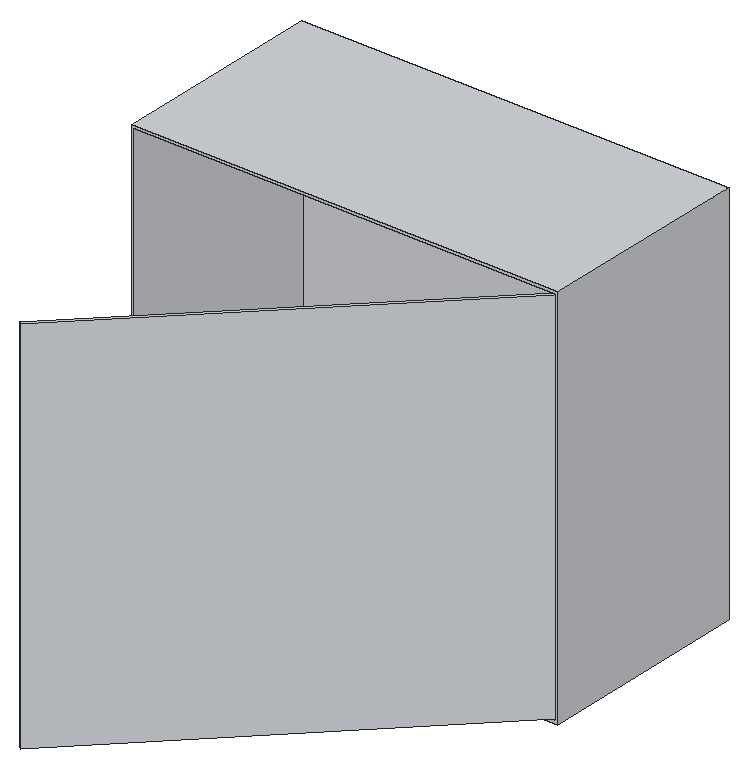
Revit family "Hager-Vega_D-IP55-vide-NoHosted-FR-fr", category Electrical Equipment, Revit 2020
Family settings
  Panel Configuration = Two Columns, Circuits Across
  Round Connector Dimension = Use Diameter
  Part Type = Panelboard
  Work Plane-Based = Yes
  Always vertical = Yes
  Cut with Voids When Loaded = No
  Shared = No
  Room Calculation Point = No
Parameters (values of type "Saillie IP55 L550 H500 P275 24 Modules - FV22A")
  Width Control [instance] = if([HG000006 - Encastré], if([EF000846 - largeur d'encastrement] > min_whd, [EF000846 - largeur d'encastrement], min_whd), if([EF000008 - largeur] > min_whd, ([EF000008 - largeur]), min_whd))  # 550 mm
  Void Depth [instance] = if([EF000218 - profondeur d'encastrement] > 1 mm, [EF000218 - profondeur d'encastrement], 1 mm)  # 1 mm
  Type Comments = [HG000003 - Gamme]  # "Vega D"
  System Height [instance] = Height Control - 2 * [HG000005 - Epaisseur]  # 494 mm
  Panel Name [instance] = ""  # (empty or 0)
  Offset [instance] = 0 mm
  Model = [HG000004 - Référence fabricant]  # "FV22A"
  Level Offset [instance] = [Flush Mounted - Door Frame Width] + Offset  # 0 mm
  HG000017 - Distance entre pôles = 18 mm
  HG000016 - Visibilité de la porte 3D [instance] = yes
  HG000015 - Visibilité de l'emprise de la porte [instance] = no
  HG000014 - Porte à droite [instance] = yes
  HG000013 - Porte à gauche [instance] = not([HG000014 - Porte à droite])  # no
  HG000012 - Angle de pivotement de la porte [instance] = 45.00°
  HG000011 - Rangées du bas vides = no
  HG000010 - Portes asymétriques = no
  HG000009 - Porte à double battant = no
  HG000008 - Nombre de rangées vides = 0
  HG000007 - Nombre de colonnes vides = 0
  HG000006 - Encastré = no
  HG000005 - Epaisseur = 3 mm  # constant formula
  HG000004 - Référence fabricant = "FV22A"
  HG000003 - Gamme = "Vega D"
  HG000002 - avec porte = yes
  HG000001 - nombre de colonnes = 0
  EF015941 - porte pour transmission du signal = no
  EF015777 - borne à conducteur neutre = no
  EF015776 - borne de mise à la terre = yes
  EF009212 - finition du couvercle = "EV000116 - fermé"
  EF006306 - avec serrure = no
  EF006244 - couvercle/porte transparent(e) = no
  EF005474 - indice de protection (IP) = "EV006420 - IP55"
  EF004462 - type de fermeture = "EV000154 - autre"
  EF002950 - largeur en nombre de modules = 24
  EF001596 - matériau du boîtier/corps = "EV000154 - autre"
  EF001134 - rail DIN = yes
  EF001131 - profondeur intérieure = 218 mm
  EF001088 - possibilité de montage en saillie = yes
  EF001062 - finition CEM = no
  EF000846 - largeur d'encastrement = 0 mm
  EF000339 - type de capot = "EV004216 - porte"
  EF000332 - hauteur d'encastrement = 0 mm
  EF000266 - nombre de rangées = 0
  EF000218 - profondeur d'encastrement = 0 mm
  EF000118 - avec cadre/support de montage = no
  EF000116 - numéro RAL = "9010"
  EF000049 - profondeur = 275 mm
  EF000040 - hauteur = 500 mm
  EF000008 - largeur = 550 mm
  EF000007 - couleur = "EV000202 - blanc"
  EF000003 - mode de pose = "EV000384 - saillie"
  Description = ""
  Default Elevation = 1219.2 mm
  Arrow Offset [instance] = Depth Control / 8  # 34.375 mm
  Arrow Height [instance] = Depth Control - Arrow Offset  # 240.625 mm
  Host Offset [instance] = if([HG000006 - Encastré], 0 mm, [EF000049 - profondeur])  # 275 mm
  min_whd [instance] = (2 * [HG000005 - Epaisseur]) + 1 mm  # 7 mm
  Manufacturer = "Hager"  # constant formula
  Height Control [instance] = if([HG000006 - Encastré], if([EF000332 - hauteur d'encastrement] > min_whd, [EF000332 - hauteur d'encastrement], min_whd), if([EF000040 - hauteur] > min_whd, ([EF000040 - hauteur]), min_whd))  # 500 mm
  Flush Mounted - Door Frame Width [instance] = if(([EF000040 - hauteur] - [EF000332 - hauteur d'encastrement]) > 0 mm, if([HG000006 - Encastré], [EF000040 - hauteur] - [EF000332 - hauteur d'encastrement], 0 mm), 0 mm)  # 0 mm
  Depth Control [instance] = if([HG000006 - Encastré], if([EF000218 - profondeur d'encastrement] > 0 mm, [EF000218 - profondeur d'encastrement], 1 mm), if([EF000049 - profondeur] > 0 mm, ([EF000049 - profondeur]), 1 mm))  # 275 mm
Reference planes
  plane 1 "Center (Front/Back)": y = 0
  plane 2: z = 0
  plane 3 "Center (Left/Right)": x = 0
  plane 4: y = 3
  plane 5: y = 0
  plane 6: y = 0
  plane 7: z = 0
  plane 8: x = -275
  plane 9: x = 275
  plane 10: x = 272
  plane 11: x = -272
  plane 12: z = 0
  plane 13: z = 3
  plane 14: y = -270
  plane 15: y = -275
  plane 16: y = -3
  plane 17: z = 497
  plane 18: z = 500
  plane 19: z = 250
  plane 20: x = 0
  plane 21: y = -100
Forms (mm)
  Extrusion 1, solid
    sketch origin (-208.679, -4572, 0) x (-1, 0, 0) y (0, -1, 0)
      loop
        line (66.321, -4297) -> (-483.679, -4297) -> (-483.679, -4572) -> (66.321, -4572) -> (66.321, -4297)
    from 0 to 500 <- "Height Control"
  Extrusion 2, void
    sketch origin (-350.771, -275, 1219.2) x (1, 0, 0) y (0, 0, 1)
      loop
        line (78.771, -722.2) -> (78.771, -1216.2) -> (622.771, -1216.2) -> (622.771, -722.2) -> (78.771, -722.2)
    from 0 to -272
  Extrusion 3, solid, detail levels coarse+medium
    sketch origin (-350.771, -275, 1219.2) x (-1, 0, 0) y (0, 0, 1)
      loop
        line (-78.771, -722.2) -> (-622.771, -722.2) -> (-622.771, -1216.2) -> (-78.771, -1216.2) -> (-78.771, -722.2)
    from 0 to 3 <- "HG000005 - Epaisseur"
Cuts and joins
  Extrusion 2 cuts Extrusion 1
Dimensions and locks
  "Flush Mounted - Door Frame Width": plane 1 "Center (Front/Back)" to plane 6
  "HG000005 - Epaisseur": plane 4 to plane 6
  "HG000005 - Epaisseur": plane 8 to plane 11
  "HG000005 - Epaisseur": plane 9 to plane 10
  equal spacing: plane 8, plane 3 "Center (Left/Right)", plane 9
  "Width Control": plane 8 to plane 9
  locked: plane 14 to plane 15 at 5
  "Host Offset": plane 1 "Center (Front/Back)" to plane 15
  "Depth Control": plane 5 to plane 15
  "HG000005 - Epaisseur": plane 5 to plane 16
  "HG000005 - Epaisseur": plane 13 to plane 12
  "Level Offset": plane 12 to level
  "HG000005 - Epaisseur": plane 18 to plane 17
  "Height Control": plane 18 to plane 12
  "Arrow Offset": plane 5 to nested 4
  equal spacing: plane 18, plane 19, plane 12
  locked: connector elem to plane 19
  locked: connector elem to plane 3 "Center (Left/Right)"
  aligned and locked: nested 1 to plane 14
  aligned and locked: plane 3 "Center (Left/Right)" to nested 1
  aligned and locked: plane 3 "Center (Left/Right)" to nested 2
  aligned and locked: nested 2 to plane 15
  aligned and locked: plane 5 to Extrusion 1
  aligned and locked: Extrusion 3 sketch curve to plane 17
  aligned and locked: Extrusion 3 sketch curve to plane 11
  aligned and locked: Extrusion 3 sketch curve to plane 13
  aligned and locked: Extrusion 3 sketch curve to plane 10
  aligned and locked: Extrusion 2 sketch curve to plane 13
  aligned and locked: Extrusion 2 sketch curve to plane 10
  aligned and locked: Extrusion 2 sketch curve to plane 17
  aligned and locked: Extrusion 2 sketch curve to plane 11
  aligned and locked: plane 16 to Extrusion 2
  aligned and locked: plane 5 to Extrusion 1 sketch curve
  aligned and locked: plane 9 to Extrusion 1 sketch curve
  aligned and locked: plane 8 to Extrusion 1 sketch curve
  aligned and locked: plane 8 to nested 4
  aligned and locked: plane 8 to nested 3
  aligned and locked: nested 3 to plane 5
  aligned and locked: Extrusion 1 sketch curve to plane 15
  aligned and locked: Extrusion 2 to plane 15
Nested families
  nested 1: "Hager_Enclosure_System" at (0, -270, 3), Flush_Mounted <- "HG000006 - Encastré", Width <- "EF000008 - largeur", Height <- "System Height", Width_Control <- "Width Control", Row_Module_Multiplicator <- "EF002950 - largeur en nombre de modules", Empty_Columns <- "HG000007 - Nombre de colonnes vides", Built-in_Width <- "EF000846 - largeur d'encastrement", Border <- "HG000005 - Epaisseur", Total_No_Empty_Rows <- "HG000008 - Nombre de rangées vides", Depth <- "HG000005 - Epaisseur", Empty_Rows_From_Bottom <- "HG000011 - Rangées du bas vides", Distance_Between_Poles <- "HG000017 - Distance entre pôles", Rows_Count <- "EF000266 - nombre de rangées", Columns_Count <- "HG000001 - nombre de colonnes", type "Hager_Enclosure_System", detail levels medium+fine
    with Width_Control 550 mm, Width 550 mm, Total_No_Rows 0, Total_No_Empty_Rows 0, Total_No_Columns 1, System_Width 544 mm, Rows_Count 0, Rows_Column 0, Row_Module_Multiplicator 24, Panel_4 no, Panel_3 no, Panel_2 no, Panel_1 no, No_Panels_Ctrl 1, Hide_Columns yes, Height 494 mm, Flush_Mounted no, Empty_Rows_From_Bottom no, Empty_Rows_Column 0, Empty_Columns 0, Distance_Between_Poles 18 mm, Depth 3 mm, Columns_Count 0, Column_Width 544 mm, Built-in_Width 0 mm, Border 3 mm
  nested 2: "Hager_Enclosure_Door" at (0, -275, 0), Double <- "HG000009 - Porte à double battant", Height_Ctrl <- "Height Control", Transparent <- "EF006244 - couvercle/porte transparent(e)", Depth <- "EF000049 - profondeur", Height <- "EF000040 - hauteur", Angle <- "HG000012 - Angle de pivotement de la porte", Door_Right <- "HG000014 - Porte à droite", Assymetrical <- "HG000010 - Portes asymétriques", Flush_Mounted <- "HG000006 - Encastré", BuiltIn_Depth <- "EF000218 - profondeur d'encastrement", BuiltIn_Width <- "EF000846 - largeur d'encastrement", Door <- "HG000002 - avec porte", Width_Ctrl <- "Width Control", 3d_Door <- "HG000016 - Visibilité de la porte 3D", Width <- "EF000008 - largeur", Border <- "HG000005 - Epaisseur", BuiltIn_Height <- "EF000332 - hauteur d'encastrement", Clearance <- "HG000015 - Visibilité de l'emprise de la porte", Door_Left <- "HG000013 - Porte à gauche", type "Hager_Enclosure_Door", detail levels medium+fine
    with min_wh 7 mm, Width_Ctrl 550 mm, Width 550 mm, Transparent_Door_No_Bottom_Border no, Transparent no, Leaf_Width 541 mm, Leaf_Tolerance 1.5 mm, Leaf_Height 491 mm, Leaf_2_Width 541 mm, Leaf_2_Offset 270.5 mm, Leaf_1_Width 541 mm, Leaf_1_Offset 270.5 mm, Height_Ctrl 500 mm, Height 500 mm, Frame_Width_Ctrl 550 mm, Frame_Width 550 mm, Frame_Internal_Offset 0 mm, Frame_Height_Ctrl 500 mm, Frame_Height 500 mm, Frame_Depth_Ctrl 1 mm, Frame_Depth 0 mm, Flush_Mounted no, Double_Clearance_Ctrl no, Double no, Door_Right_Ctrl yes, Door_Right yes, Door_Left_Ctrl no, Door_Left no, Door yes, Depth 275 mm, Clearance_Depth 541 mm, Clearance_Ctrl no, Clearance no, BuiltIn_Width 0 mm, BuiltIn_Height 0 mm, BuiltIn_Depth 0 mm, Border 3 mm, Assymetrical no, Angle 45.00°, 3d_Door yes
  nested 3: "Hager_Enclosure_Symbol_Triangle" at (-275, 0, 0), Depth <- "Depth Control", Width <- "Width Control", type "Hager_Enclosure_Symbol_Triangle"
    with Width_Ctrl 550 mm, Width 550 mm, Depth_Ctrl 275 mm, Depth 275 mm
  nested 4: "Hager_Enclosure_Symbol_Arrow" at (-275, -34.375, 0), Height <- "Arrow Height", type "Hager_Enclosure_Symbol_Arrow"
    with Width_Inside 18.047 mm, Width 216.562 mm, Height_Ctrl 240.625 mm, Height 240.625 mm
Connectors
  electrical at (0, 0, 250)
    settings: on plane 5, index 1, voltage 0 V, apparent load 0 VA, apparent load phase1 0 VA, apparent load phase2 0 VA, apparent load phase3 0 VA, power factor 1, load classification "Other", number of poles 1, system type 30, power factor state 1, is connector primary yes, connector utility no, sub classification motor no, connector description ""
Definition of nested family "Hager_Enclosure_Door"
  Parameters (values of type "Hager_Enclosure_Door")
    min_wh [instance] = (2 * Border) + 1 mm  # 11 mm
    Width_Ctrl [instance] = 400 mm
    Width [instance] = 500 mm
    Transparent_Door_No_Bottom_Border [instance] = no
    Transparent [instance] = yes
    Leaf_Width [instance] = if((Width_Ctrl - 2 * Border - 2 * Leaf_Tolerance) > 0 mm, (Width_Ctrl - 2 * Border - 2 * Leaf_Tolerance), min_wh)  # 387 mm
    Leaf_Tolerance [instance] = 1.5 mm  # constant formula
    Leaf_Height [instance] = if((Height_Ctrl - 2 * Border - 2 * Leaf_Tolerance) > 0 mm, (Height_Ctrl - 2 * Border - 2 * Leaf_Tolerance), min_wh)  # 387 mm
    Leaf_2_Width [instance] = if(and(and(Double, Assymetrical), Door_Left), (Leaf_Width / 3) - (Leaf_Tolerance / 2), if(and(and(Double, Assymetrical), Door_Right), (Leaf_Width / 3) * 2 - (Leaf_Tolerance / 2), if(and(Double, not(Assymetrical)), (Leaf_Width / 2) - Leaf_Tolerance, Leaf_Width)))  # 387 mm
    Leaf_2_Offset [instance] = if(and(Double, Assymetrical), Leaf_2_Width / 2, if(and(Double, not(Assymetrical)), Leaf_Width / 4, Leaf_Width / 2))  # 193.5 mm
    Leaf_1_Width [instance] = if(and(and(Double, Assymetrical), Door_Right), (Leaf_Width / 3) - (Leaf_Tolerance / 2), if(and(and(Double, Assymetrical), Door_Left), (Width / 3) * 2 - (Leaf_Tolerance / 2), if(and(Double, not(Assymetrical)), (Leaf_Width / 2) - Leaf_Tolerance, Leaf_Width)))  # 387 mm
    Leaf_1_Offset [instance] = if(and(Double, Assymetrical), Leaf_1_Width / 2, if(and(Double, not(Assymetrical)), Leaf_Width / 4, Leaf_Width / 2))  # 193.5 mm
    Height_Ctrl [instance] = 400 mm
    Height [instance] = 500 mm
    Frame_Width_Ctrl [instance] = if(Frame_Width > 0 mm, Frame_Width, 1 mm)  # 1 mm
    Frame_Width [instance] = Width - BuiltIn_Width  # 0 mm
    Frame_Internal_Offset [instance] = if(Flush_Mounted, Border, 0 mm)  # 5 mm
    Frame_Height_Ctrl [instance] = if(Frame_Height > 0 mm, Frame_Height, 1 mm)  # 1 mm
    Frame_Height [instance] = Height - BuiltIn_Height  # 0 mm
    Frame_Depth_Ctrl [instance] = if(Frame_Depth > 0 mm, Frame_Depth, 1 mm)  # 1 mm
    Frame_Depth [instance] = if(Depth - BuiltIn_Depth > 0 mm, if(Flush_Mounted, Depth - BuiltIn_Depth, 0 mm), 0 mm)  # 0 mm
    Flush_Mounted [instance] = yes
    Double_Clearance_Ctrl [instance] = and(Double, Clearance)  # no
    Double [instance] = no
    Door_Right_Ctrl [instance] = and(or(Door_Right, Double), Door)  # yes
    Door_Right [instance] = yes
    Door_Left_Ctrl [instance] = and(or(Door_Left, Double), Door)  # no
    Door_Left [instance] = no
    Door [instance] = yes
    Depth [instance] = 500 mm
    Default Elevation = 1219.2 mm
    Clearance_Material = none
    Clearance_Depth [instance] = if(Leaf_1_Width > Leaf_2_Width, Leaf_1_Width, Leaf_2_Width)  # 387 mm
    Clearance_Ctrl [instance] = and(not(Double), Clearance)  # yes
    Clearance [instance] = yes
    BuiltIn_Width [instance] = 500 mm
    BuiltIn_Height [instance] = 500 mm
    BuiltIn_Depth [instance] = 500 mm
    Border [instance] = 5 mm
    Assymetrical [instance] = yes
    Angle [instance] = 30.00°
    3d_Door [instance] = yes
  Reference planes
    plane 1 "Center (Front/Back)": y = 0
    plane 2 "Bottom": z = 0
    plane 3 "Center (Left/Right)": x = 0
    plane 4: z = 400
    plane 5: x = -200
    plane 6: x = 200
    plane 7: z = 395
    plane 8: x = -195
    plane 9: z = 5
    plane 10: x = 195
    plane 11: y = 0
    plane 12: z = 6.5
    plane 13: x = -582
    plane 14: y = -387
    plane 15: x = 582
    plane 16: x = 0
    plane 17: x = 0
    plane 18: x = -193.5
    plane 19: x = 193.5
    plane 20: z = 393.5
  Forms (mm)
    Extrusion 1, solid, visible <- "Flush_Mounted"
      sketch origin (0, 0, 0) x (1, 0, 0) y (0, 0, 1)
        loop
          line (195, 5) -> (195, 395) -> (-195, 395) -> (-195, 5) -> (195, 5)
        loop
          line (-201, 401) -> (-201, -1) -> (201, -1) -> (201, 401) -> (-201, 401)
      from 0 to 1 <- "Frame_Depth_Ctrl"
    Extrusion 2, solid, material <- "Clearance_Material", visible <- "Double_Clearance_Ctrl"
      sketch origin (1200, 0, 0) x (1, 0, 0) y (0, 0, -1)
        loop
          line (-1782, -393.5) -> (-618, -393.5) -> (-618, 0) -> (-1782, 0) -> (-1782, -393.5)
      from 0 to -387
  Dimensions and locks
    equal spacing: plane 5, plane 3 "Center (Left/Right)", plane 6
    "Width_Ctrl": plane 5 to plane 6
    "Border": plane 5 to plane 8
    "Border": plane 6 to plane 10
    "Border": plane 9 to level
    "Border": plane 4 to plane 7
    "Height_Ctrl": plane 4 to level
    "Leaf_Tolerance": plane 12 to plane 9
    "Frame_Depth": plane 11 to plane 1 "Center (Front/Back)"
    "Frame_Width_Ctrl": plane 5 to Extrusion 1 sketch curve
    "Frame_Width_Ctrl": plane 6 to Extrusion 1 sketch curve
    "Frame_Width_Ctrl": Extrusion 1 sketch curve to plane 4
    "Frame_Width_Ctrl": plane 2 "Bottom" to Extrusion 1 sketch curve
    "Leaf_1_Offset": plane 18 to plane 16
    "Leaf_2_Offset": plane 17 to plane 19
    "Leaf_1_Width": plane 13 to plane 8
    "Leaf_2_Width": plane 10 to plane 15
    "Clearance_Depth": plane 14 to plane 1 "Center (Front/Back)"
    "Leaf_Tolerance": plane 8 to plane 18
    "Leaf_Tolerance": plane 19 to plane 10
    "Leaf_Tolerance": plane 7 to plane 20
    "Frame_Internal_Offset": plane 5 to Extrusion 1 sketch curve
    "Frame_Internal_Offset": Extrusion 1 sketch curve to plane 2 "Bottom"
    "Frame_Internal_Offset": plane 6 to Extrusion 1 sketch curve
    "Frame_Internal_Offset": plane 4 to Extrusion 1 sketch curve
    aligned and locked: level to plane 2 "Bottom"
    aligned and locked: nested 1 to plane 16
    aligned and locked: nested 2 to plane 17
    aligned and locked: Extrusion 2 to plane 13
    aligned and locked: plane 15 to Extrusion 2
    aligned and locked: Extrusion 2 to plane 14
    aligned and locked: plane 12 to nested 1
    aligned and locked: nested 2 to plane 12
    aligned and locked: Extrusion 2 to plane 11
    aligned and locked: plane 20 to Extrusion 2
    aligned and locked: nested 2 to plane 11
    aligned and locked: nested 1 to plane 11
  Automatic sketch dimensions
    Extrusion 2 sketch curve to level = 0 mm
    plane 5 to Extrusion 2 sketch curve = 382 mm
    plane 6 to Extrusion 2 sketch curve = 382 mm
    Extrusion 2 sketch curve to plane 4 = 6.5 mm
  Nested families
    nested 1: "Hager_Enclosure_Door_Leaf" at (0, 0, 6.5), Width <- "Leaf_1_Width", visible <- "Door_Left_Ctrl", Leaf_Height <- "Leaf_Height", Angle <- "Angle", Depth <- "Border", 3d_Door <- "3d_Door", Transparent <- "Transparent", Clearance Material <- "Clearance_Material", Clearance <- "Clearance_Ctrl", Transparent_Door_No_Bottom_Border <- "Transparent_Door_No_Bottom_Border", type "Hager_Enclosure_Door_Leaf"
      with Width 387 mm, Transparent_Door_No_Bottom_Border no, Transparent_Door_Border_Bottom_Top 25 mm, Transparent_Door_Border 25 mm, Transparent_Ctrl yes, Transparent yes, Standard no, Leaf_Height 387 mm, Glass_Offset 1 mm, Depth 5 mm, Clearance Material none, Clearance yes, Angle_Ctrl 30.00°, Angle 30.00°, 3d_Door yes
    nested 2: "Hager_Enclosure_Door_Leaf" at (0, 0, 6.5) x (-1, 0, 0) z (0, 0, 1), Width <- "Leaf_2_Width", visible <- "Door_Right_Ctrl", Leaf_Height <- "Leaf_Height", Angle <- "Angle", Depth <- "Border", 3d_Door <- "3d_Door", Transparent <- "Transparent", Clearance Material <- "Clearance_Material", Clearance <- "Clearance_Ctrl", Transparent_Door_No_Bottom_Border <- "Transparent_Door_No_Bottom_Border", type "Hager_Enclosure_Door_Leaf"
      with Width 387 mm, Transparent_Door_No_Bottom_Border no, Transparent_Door_Border_Bottom_Top 25 mm, Transparent_Door_Border 25 mm, Transparent_Ctrl yes, Transparent yes, Standard no, Leaf_Height 387 mm, Glass_Offset 1 mm, Depth 5 mm, Clearance Material none, Clearance yes, Angle_Ctrl 30.00°, Angle 30.00°, 3d_Door yes
  Definition of nested family "Hager_Enclosure_Door_Leaf"
    Parameters (values of type "Hager_Enclosure_Door_Leaf")
      Width [instance] = 2000 mm
      Transparent_Door_No_Bottom_Border [instance] = yes
      Transparent_Door_Border_Bottom_Top [instance] = if(Transparent_Door_No_Bottom_Border, 0.1 mm, Transparent_Door_Border)  # 0.1 mm
      Transparent_Door_Border [instance] = if(Transparent_Door_No_Bottom_Border, (Width * 0.12), 25 mm)  # 240 mm
      Transparent_Ctrl [instance] = and(Transparent, [3d_Door])  # yes
      Transparent [instance] = yes
      Standard [instance] = and(not(Transparent), [3d_Door])  # no
      Leaf_Height [instance] = 2720.336 mm
      Glass_Offset [instance] = if((Depth - 10 mm) / 2 > 0 mm, (Depth - 10 mm) / 2, 1 mm)  # 15 mm
      Glass_Material = none
      Depth [instance] = 40 mm
      Default Elevation = 0 mm
      Clearance Material [instance] = none
      Clearance [instance] = yes
      Angle_Ctrl [instance] = if(Angle > 170.00°, 170.00°, Angle)  # 45.00°
      Angle [instance] = 45.00°
      3d_Door [instance] = yes
    Reference planes
      plane 1 "Center (Front/Back)": y = 0
      plane 2: z = 0
      plane 3 "Center (Left/Right)": x = 0
      plane 4: y = 2000
      plane 5: x = -1000
      plane 6: x = 1000
      plane 7: x = -3000
      plane 8: z = 2720.336
      plane 9: z = 0.1
      plane 10: z = 2720.236
      plane 11: x = 760
      plane 12: x = -760
    Forms (mm)
      Extrusion 1, solid, material <- "Clearance Material", visible <- "Clearance"
        sketch origin (0, 0, 0) x (1, 0, 0) y (0, 0, 1)
          loop
            line (-3000, 2720.336) -> (-3000, 0) -> (1000, 0) -> (1000, 2720.336) -> (-3000, 2720.336)
        from 0 to -2000
      Extrusion 2, solid, visible <- "Standard", detail levels medium+fine
        sketch origin (-1000, 0, 0) x (0.707107, 0.707107, 0) y (-0.707107, 0.707107, 0)
          loop
            line (0, -40) -> (2000, -40) -> (2000, 0) -> (0, 0) -> (0, -40)
        from 0 to 2720.336 <- "Leaf_Height"
      Extrusion 3, solid, visible <- "Transparent_Ctrl", detail levels medium+fine
        sketch origin (-1000, 0, 0) x (0.707107, 0.707107, 0) y (-0.707107, 0.707107, 0)
          loop
            line (0, -40) -> (2000, -40) -> (2000, 0) -> (0, 0) -> (0, -40)
        from 0 to 2720.336 <- "Leaf_Height"
      Extrusion 4, void, detail levels medium+fine
        sketch origin (-1000, 0, 0) x (-0.707107, 0.707107, 0) y (0.707107, 0.707107, 0)
          loop
            line (0, 240) -> (0, 1760) -> (-40, 1760) -> (-40, 240) -> (0, 240)
        from -2720.236 to -0.1
      Extrusion 5, solid, material <- "Glass_Material", visible <- "Transparent_Ctrl", detail levels medium+fine
        sketch origin (-1000, 0, 0) x (0.707107, 0.707107, 0) y (-0.707107, 0.707107, 0)
          loop
            line (240, -15) -> (240, -25) -> (1760, -25) -> (1760, -15) -> (240, -15)
        from 0.1 to 2720.236
    Cuts and joins
      Extrusion 4 cuts Extrusion 3
    Lines and regions (mm)
      symbolic lines
        curve 1: line (1000, 0, 0) -> (-3000, 0, 0)
        curve 2: arc (1000, 0, 0) -> (-1000, 2000, 0) -> (-3000, 0, 0) r 2000
        curve 4: line (-1000, 0, 0) -> (414.214, 1414.214, 0)
      reference lines
        curve 3: line (-1000, 0, 0) -> (414.214, 1414.214, 0)
      symbolic lines, detail levels medium+fine
        curve 5: line (414.214, 1414.214, 0) -> (442.498, 1385.929, 0)
        curve 6: line (442.498, 1385.929, 0) -> (-971.716, -28.284, 0)
        curve 7: line (-971.716, -28.284, 0) -> (-1000, 0, 0)
        curve 8: line (-1000, 0, 2720.336) -> (1000, 0, 2720.336)
        curve 9: line (-1000, 0, 0) -> (-1000, 0, 2720.336)
        curve 10: line (1000, 0, 0) -> (-1000, 0, 0)
        curve 11: line (1000, 0, 2720.336) -> (1000, 0, 0)
      symbolic lines, visible <- "Transparent_Ctrl", detail levels medium+fine
        curve 12: line (-760, 0, 2720.236) -> (760, 0, 2720.236)
        curve 13: line (-760, 0, 0.1) -> (-760, 0, 2720.236)
        curve 14: line (760, 0, 0.1) -> (-760, 0, 0.1)
        curve 15: line (760, 0, 2720.236) -> (760, 0, 0.1)
    Dimensions and locks
      "Width": plane 1 "Center (Front/Back)" to plane 4
      equal spacing: plane 5, plane 3 "Center (Left/Right)", plane 6
      "Width": plane 5 to plane 6
      "Width": plane 7 to plane 5
      "Leaf_Height": plane 8 to level
      "Depth": curve 6 to curve 3
      "Width": curve 5 to curve 3
      "Width": curve 3 to curve 3
      "Transparent_Door_Border": Extrusion 4 sketch curve to curve 7
      "Transparent_Door_Border": Extrusion 4 sketch curve to curve 5
      "Transparent_Door_Border_Bottom_Top": plane 8 to plane 10
      "Transparent_Door_Border_Bottom_Top": plane 9 to level
      "Glass_Offset": Extrusion 5 sketch curve to curve 4
      "Glass_Offset": Extrusion 5 sketch curve to curve 6
      "Transparent_Door_Border": Extrusion 5 sketch curve to curve 5
      "Transparent_Door_Border": Extrusion 5 sketch curve to curve 7
      "Transparent_Door_Border": plane 12 to plane 5
      "Transparent_Door_Border": plane 6 to plane 11
      "Angle_Ctrl": angle plane 1 "Center (Front/Back)" to curve 3
      aligned and locked: level to plane 2
      aligned and locked: Extrusion 1 to curve 1
      aligned and locked: plane 6 to Extrusion 1
      aligned and locked: Extrusion 1 to plane 1 "Center (Front/Back)"
      aligned and locked: plane 4 to Extrusion 1
      aligned and locked: plane 8 to Extrusion 1
      aligned and locked: curve 4 to curve 3
      aligned and locked: Extrusion 2 sketch curve to curve 7
      aligned and locked: Extrusion 2 sketch curve to curve 6
      aligned and locked: Extrusion 2 sketch curve to curve 5
      aligned and locked: Extrusion 2 sketch curve to curve 3
      aligned and locked: curve 7 to Extrusion 3 sketch curve
      aligned and locked: Extrusion 3 sketch curve to curve 4
      aligned and locked: Extrusion 3 sketch curve to curve 6
      aligned and locked: Extrusion 3 sketch curve to curve 5
      aligned and locked: curve 4 to Extrusion 4 sketch curve
      aligned and locked: curve 6 to Extrusion 4 sketch curve
      aligned and locked: Extrusion 4 to plane 9
      aligned and locked: Extrusion 4 to plane 10
      aligned and locked: Extrusion 5 to plane 9
      aligned and locked: Extrusion 5 to plane 10
      aligned and locked: curve 8 to plane 8
      aligned and locked: plane 5 to curve 9
      aligned and locked: plane 2 to curve 10
      aligned and locked: curve 11 to plane 6
      aligned and locked: plane 10 to curve 12
      aligned and locked: plane 12 to curve 13
      aligned and locked: curve 14 to plane 9
      aligned and locked: plane 11 to curve 15
    Automatic sketch dimensions
      plane 1 "Center (Front/Back)" to curve 2 = 0 mm
      curve 2 to plane 5 = 0 mm
      Extrusion 1 sketch curve to level = 0 mm
      Extrusion 1 sketch curve to plane 7 = 0 mm
      Extrusion 1 sketch curve to plane 6 = 0 mm
      Extrusion 1 sketch curve to plane 8 = 0 mm
      plane 1 "Center (Front/Back)" to curve 3 = 0 mm
      curve 3 to plane 5 = 0 mm
      curve 7 to curve 3 = 0 mm
Definition of nested family "Hager_Enclosure_Symbol_Triangle"
  Parameters (values of type "Hager_Enclosure_Symbol_Triangle")
    Width_Ctrl [instance] = if(Width > 1 mm, Width, 1 mm)  # 498 mm
    Width [instance] = 498 mm
    Depth_Ctrl [instance] = if(Depth > 1 mm, Depth, 1 mm)  # 72 mm
    Depth [instance] = 72 mm
  Reference planes
    plane 1 "Centre (avant/arrière)": y = 0
    plane 2: z = 0
    plane 3 "Centre (gauche/droite)": x = 0
  Lines and regions (mm)
    Filled region 1, type "Solid_Black", in view "Niveau de réf."
      outline origin (0, 0, 0) x (1, 0, 0) y (0, 1, 0)
        loop
          line (0, 0) -> (498, 0) -> (498, 72) -> (0, 0)
    reference lines, in view "Niveau de réf."
      curve 1: line (-206.153, 72, 0) -> (1083.258, 72, 0)
      curve 2: line (498, 405.456, 0) -> (498, -517.619, 0)
  Dimensions and locks
    "Depth_Ctrl": plane 1 "Centre (avant/arrière)" to curve 1
    "Width_Ctrl": plane 3 "Centre (gauche/droite)" to curve 2
    aligned and locked: curve 1 to Filled region 1 sketch curve
    aligned and locked: Filled region 1 sketch curve to plane 1 "Centre (avant/arrière)"
    aligned and locked: curve 2 to Filled region 1 sketch curve
    aligned and locked: plane 3 "Centre (gauche/droite)" to Filled region 1 sketch curve
    aligned and locked: plane 1 "Centre (avant/arrière)" to Filled region 1 sketch curve
  Automatic sketch dimensions
    curve 1 to plane 3 "Centre (gauche/droite)" = 206.153 mm
    curve 2 to curve 1 = 585.258 mm
    plane 1 "Centre (avant/arrière)" to curve 2 = 517.619 mm
    curve 2 to plane 1 "Centre (avant/arrière)" = 405.456 mm
Definition of nested family "Hager_Enclosure_Symbol_Arrow"
  Parameters (values of type "Hager_Enclosure_Symbol_Arrow")
    Width_Inside [instance] = if(Width / 12 > 2 mm, Width / 12, 2 mm)  # 4.987 mm
    Width [instance] = if(Height_Ctrl * 0.9 > 2 mm, Height_Ctrl * 0.9, 2 mm)  # 59.85 mm
    Height_Ctrl [instance] = if(Height > 2 mm, Height, 2 mm)  # 66.5 mm
    Height [instance] = 66.5 mm
  Reference planes
    plane 1 "Centre (avant/arrière)": y = 0
    plane 2: z = 0
    plane 3 "Centre (gauche/droite)": x = 0
    plane 4: x = 59.85
    plane 5: y = 28.263
    plane 6: y = 38.238
    plane 7: y = 66.5
    plane 8: x = 29.925
    plane 9: y = 33.25
  Lines and regions (mm)
    Filled region 1, type "Solid_Black", in view "Niveau de réf."
      outline origin (0, 0, 0) x (1, 0, 0) y (0, 1, 0)
        loop
          line (59.85, 66.5) -> (37.929, 52.827) -> (51.846, 41.935) -> (59.85, 66.5)
    detail lines, in view "Niveau de réf."
      curve 1: line (0, 0, 0) -> (29.925, 38.238, 0)
      curve 2: line (29.925, 38.238, 0) -> (29.925, 28.263, 0)
      curve 3: line (29.925, 28.263, 0) -> (59.85, 66.5, 0)
  Dimensions and locks
    "Width": plane 3 "Centre (gauche/droite)" to plane 4
    "Height_Ctrl": plane 7 to plane 1 "Centre (avant/arrière)"
    equal spacing: plane 3 "Centre (gauche/droite)", plane 8, plane 4
    equal spacing: plane 7, plane 9, plane 1 "Centre (avant/arrière)"
    equal spacing: plane 6, plane 9, plane 5
    "Width_Inside": plane 6 to plane 9
    equal spacing: curve 3, Filled region 1 sketch curve, Filled region 1 sketch curve
    angle Filled region 1 sketch curve to curve 3 = 20.00°
    angle curve 3 to Filled region 1 sketch curve = 20.00°
    locked: curve 3 to Filled region 1 sketch curve (angle 90.00°)
  Automatic sketch dimensions
    plane 1 "Centre (avant/arrière)" to curve 1 = 0 mm
    curve 1 to plane 3 "Centre (gauche/droite)" = 0 mm
    curve 2 to plane 6 = 0 mm
    curve 3 to plane 8 = 0 mm
    curve 3 to plane 4 = 0 mm
    curve 2 to plane 5 = 0 mm
    curve 3 to plane 7 = 0 mm
    Filled region 1 sketch curve to plane 4 = 0 mm
    Filled region 1 sketch curve to plane 7 = 0 mm
